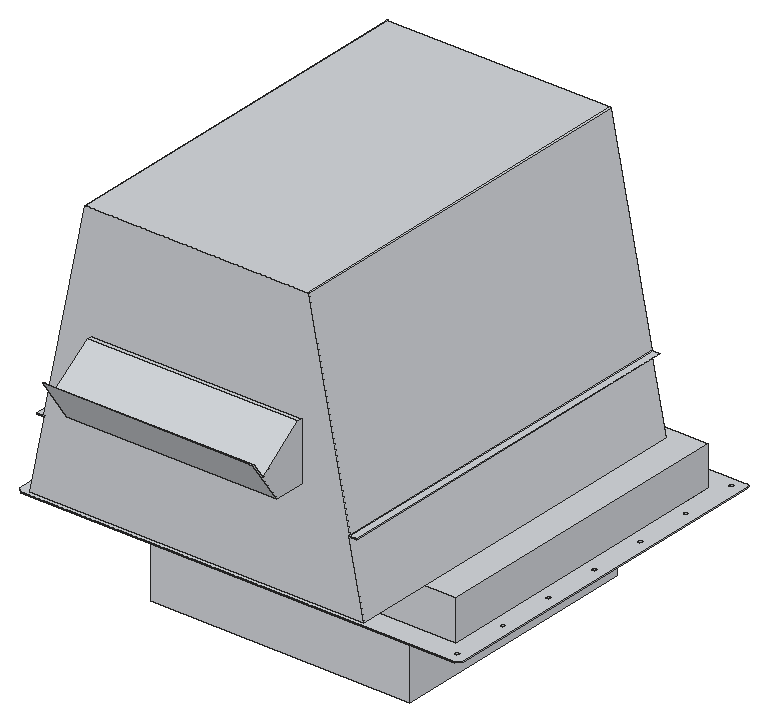
Revit family "PVHEXD-300-1", category Generic Models, host Face, Revit 2019
Family settings
  Host = Face
  Can host rebar = No
  Round Connector Dimension = Use Diameter
  Part Type = Normal
  Cut with Voids When Loaded = No
  Shared = No
  Room Calculation Point = No
Parameters
  Default Elevation = 48.00"
Reference planes (in)
  plane 1 "Center (Front/Back)": y = 0
  plane 2: z = 0
  plane 3 "Center (Left/Right)": x = 0
Forms (in)
  Extrusion 1, solid
    sketch origin (0, 0, 0) x (1, 0, 0) y (0, 1, 0)
      loop
        line (-9.973, 7.76063) -> (-9.973, -8.10937) -> (9.973, -8.10937) -> (9.973, 7.76063) -> (-9.973, 7.76063)
    from 0.04 to 2.04
  Extrusion 2, solid
    sketch origin (-29.065, -25.274, 0) x (1, 0, 0) y (0, 1, 0)
      loop
        arc (40.214, 33.99613) -> (40.14095, 34.17323) -> (39.964, 34.24663) r 0.25
        line (39.964, 34.24663) -> (18.166, 34.24663)
        arc (18.166, 34.24663) -> (17.98905, 34.17323) -> (17.916, 33.99613) r 0.25
        line (17.916, 33.99613) -> (17.916, 16.19663) -> (18.166, 15.94663) -> (39.964, 15.94663) -> (40.214, 16.19663) -> (40.214, 33.99613)
      loop
        line (39.038, 32.99663) -> (19.092, 32.99663) -> (19.092, 17.716) -> (39.038, 17.716) -> (39.038, 32.99663)
      loop
        circle (18.47125, 33.72319) r 0.09375
      loop
        circle (18.47069, 30.84563) r 0.09375
      loop
        circle (18.47069, 27.97063) r 0.09375
      loop
        circle (18.47069, 25.09563) r 0.09375
      loop
        circle (18.47069, 22.22063) r 0.09375
      loop
        circle (18.47069, 19.34563) r 0.09375
      loop
        circle (18.47069, 16.47063) r 0.09375
      loop
        circle (39.65931, 16.47063) r 0.09375
      loop
        circle (39.65931, 19.34563) r 0.09375
      loop
        circle (39.65931, 22.22063) r 0.09375
      loop
        circle (39.65931, 25.09563) r 0.09375
      loop
        circle (39.65931, 27.97063) r 0.09375
      loop
        circle (39.65931, 30.84563) r 0.09375
      loop
        circle (39.65875, 33.72319) r 0.09375
      loop
        circle (36.1275, 33.72319) r 0.09375
      loop
        circle (32.59625, 33.72319) r 0.09375
      loop
        circle (29.065, 33.72319) r 0.09375
      loop
        circle (25.53375, 33.72319) r 0.09375
      loop
        circle (22.0025, 33.72319) r 0.09375
    from 0 to 0.04
  Extrusion 3, solid
    sketch origin (0, 0, 0) x (1, 0, 0) y (0, 0, 1)
      loop
        line (-7.64483, 5.7474) -> (-8.39312, 2.04) -> (8.39312, 2.04) -> (7.65558, 5.69414) -> (7.8125, 5.69414) -> (8.0625, 5.69414) -> (8.0625, 5.73014) -> (7.71287, 5.73014)
        arc (7.71287, 5.73014) -> (7.69324, 5.73715) -> (7.68248, 5.755) r 0.031
        line (7.68248, 5.755) -> (5.63635, 15.8926)
        arc (5.63635, 15.8926) -> (5.6131, 15.9312) -> (5.57067, 15.94634) r 0.067
        line (5.57067, 15.94634) -> (-5.57067, 15.94634)
        arc (-5.57067, 15.94634) -> (-5.6131, 15.9312) -> (-5.63635, 15.8926) r 0.067
        line (-5.63635, 15.8926) -> (-7.68248, 5.755)
        arc (-7.68248, 5.755) -> (-7.69324, 5.73715) -> (-7.71287, 5.73014) r 0.031
        line (-7.71287, 5.73014) -> (-8.0625, 5.73014) -> (-8.0625, 5.69414) -> (-7.71287, 5.69414)
        arc (-7.71287, 5.69414) -> (-7.67044, 5.70929) -> (-7.64719, 5.74788) r 0.067
    from -7.07557 to 11.91918
  Extrusion 4, solid
    sketch origin (0, 0, 0) x (1, 0, 0) y (0, 0, 1)
      loop
        line (-6.5, 0) -> (-6.5, -4.5) -> (6.5, -4.5) -> (6.5, 0) -> (-6.5, 0)
    from -6.32563 to 6.67437
  Extrusion 5, solid
    sketch origin (0, -5.11005, 3.52862) x (0, -1, 0) y (0, 0, -1)
      loop
        line (9.88829, -5.85941) -> (8.3612, -3.6785) -> (6.80913, -3.6785) -> (6.80913, -6.6205) -> (7.06432, -6.6205) -> (9.28734, -5.06393) -> (9.8588, -5.88006) -> (9.88829, -5.85941)
    from -5.286 to 5.286
  Extrusion 6, solid
    sketch origin (0, -0.14937, 0) x (1, 0, 0) y (0, 1, 0)
      loop
        circle (0, 0) r 4
    from -6.09119 to -4.5
  Extrusion 7, solid
    sketch origin (0, -0.14937, 0) x (1, 0, 0) y (0, 1, 0)
      loop
        circle (0, 0) r 2.5
    from -7.08975 to -6.09119
Dimensions and locks (in)
  aligned and locked: plane 2 to host face
  aligned and locked: level to host face
Connectors (in)
  hvac at (0, -0.14937, -7.08975)
    settings: on Extrusion 7, index 1, duct flow 0 CFM, flow factor 0, pres drop 0.00 in-wg, loss coef 0, conn angle 0.00°, conn width 12", conn height 12", conn diameter 5", duct sys type 1, conn prof type 0, flow config 0, flow direction 0, loss method 0, conn ref index -1, conn util no, is conn primary yes, conn desc ""
  hvac at (0, -0.14937, -6.09119)
    settings: on Extrusion 6, index 2, duct flow 0 CFM, flow factor 0, pres drop 0.00 in-wg, loss coef 0, conn angle 0.00°, conn width 12", conn height 12", conn diameter 8", duct sys type 1, conn prof type 0, flow config 0, flow direction 0, loss method 0, conn ref index -1, conn util no, is conn primary no, conn desc ""
